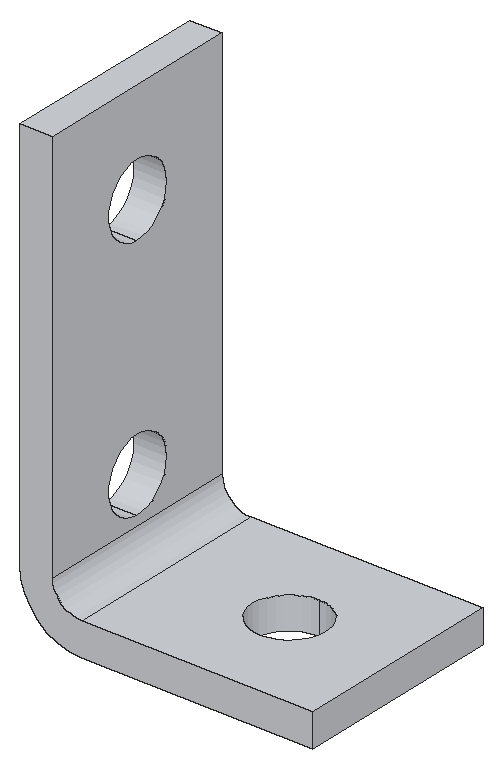
Revit family "Fitting-Ninety_Degree_Angle-Unistrut-P1458", category Specialty Equipment, Revit 2012
Parameters (values of type "P1458")
  ecoScorecard_data = "http://products.ecoscorecard.com/atkore/P1458"
  ecoScorecard Product Page = "http://products.ecoscorecard.com/atkore/P1458?action=html"
  Weight Per Piece = 0.58 lbf
  Unit = none
  Unistrut Part Number = "P1458"  # constant formula
  URL = "http://unistrut.us/index.php"
  Thickness = 1/4"  # constant formula
  Subcategory = "Nintey Degree Angle Fittings"  # constant formula
  Product Page URL = "http://unistrut.us/index.php?WP=cat_detail&S=S05&P=P1458"
  Power Strut Part Number = "PS 605"  # constant formula
  Part Type = "Fitting"  # constant formula
  Overall Width = 1 5/8"  # constant formula
  Overall Length = 3 1/2"  # constant formula
  Overall Height = 2 1/4"  # constant formula
  Model = "P1458"  # constant formula
  Material = ""
  Manufacturer Phone - Toll Free = "800-882-5543"  # constant formula
  Manufacturer Phone = "708-339-1610"  # constant formula
  Manufacturer Fax = "708-339-7814"  # constant formula
  Manufacturer Email = "mailto:jshaw@atkore.com"
  Manufacturer Address = "16100 South Lathrop Avenue, Harvey, IL 60426"  # constant formula
  Manufacturer = "Unistrut by Atkore International"  # constant formula
  Load Capacity Note = "Visit the product page for load application and capacity."  # constant formula
  Literature URL = "http://unistrut.us/index.php?WP=LItLibrary"
  Hole Radius = Hole Diameter / 2  # 9/32"
  Hole Diameter = 9/16"  # constant formula
  Cost Info = "mailto:jshaw@atkore.com"
  CAD URL = "http://unistrut.us/index.php?WP=CAD3d"
  Assembly Code = "D5020100"
  95 CSI = "16070"  # constant formula
  04 CSI = "26 05 48"  # constant formula
Reference planes (in)
  plane 1 "Center (Front/Back)": y = 0
  plane 2: z = 0
  plane 3 "Center (Left/Right)": x = 0
  plane 4: y = 0.8125
  plane 5: y = -0.8125
  plane 6: z = 0.82274
  plane 7: z = 2.71241
  plane 8: x = 0.28125
Dimensions and locks (in)
  "Overall Width": plane 5 to plane 4
  equal spacing: plane 5, plane 1 "Center (Front/Back)", plane 4
  "Overall Height": nested 1 to nested 1
  "Overall Length": nested 1 to plane 2
  aligned and locked: level to plane 2
  aligned and locked: plane 1 "Center (Front/Back)" to nested 1
Nested families (in)
  nested 1: "1458" at (-0.3063, 0, 0), type "1458"
Definition of nested family "1458"
  Parameters (values of type "1458")
    Weight Per Piece = 0.58 lbf
    Unit = none
    URL = ""
    Thickness = 1/4"  # constant formula
    Overall Width = 1 5/8"  # constant formula
    Overall Length = 3 1/2"  # constant formula
    Overall Height = 2 1/4"  # constant formula
    Manufacturer = ""
    Hole Radius = Hole Diameter / 2  # 9/32"
    Hole Diameter = 9/16"  # constant formula
    Assembly Code = ""
  Reference planes (in)
    plane 1 "Center (Front/Back)": y = 0
    plane 2: z = 0
    plane 3 "Center (Left/Right)": x = 0
    plane 4: x = -1.75
    plane 5: x = 1.75
    plane 6: y = 0.8125
    plane 7: y = -0.8125
  Forms (in)
    Extrusion 1, solid, material <- "Unit"
      sketch origin (1.41948, 0, 1.75) x (0, 0, 1) y (-1, 0, 0)
        loop
          arc (-1.278, 2.25) -> (-1.61175, 2.11175) -> (-1.75, 1.778) r 0.472
          line (-1.75, 1.778) -> (-1.75, 0) -> (-1.5, 0) -> (-1.5, 1.778)
          arc (-1.5, 1.778) -> (-1.43498, 1.93498) -> (-1.278, 2) r 0.222
          line (-1.278, 2) -> (1.75, 2) -> (1.75, 2.25) -> (-1.278, 2.25)
      from -0.8125 to 0.8125
    Extrusion 2, void
      sketch origin (1.41948, 0, 1.75) x (0, 0, 1) y (0, 1, 0)
        loop
          circle (0.96241, 0) r 0.28125
        loop
          circle (-0.92726, 0) r 0.28125
      from 1.68588 to 2.41948
    Extrusion 3, void
      sketch origin (1.41948, 0, 1.75) x (0, 1, 0) y (-1, 0, 0)
        loop
          circle (0, 0.83193) r 0.28125
      from -2.22537 to -1
  Cuts and joins
    Extrusion 2, Extrusion 3 cuts Extrusion 1
  Dimensions and locks (in)
    "Overall Length": plane 4 to plane 5
    equal spacing: plane 4, plane 3 "Center (Left/Right)", plane 5
    "Overall Width": plane 7 to plane 6
    equal spacing: plane 7, plane 1 "Center (Front/Back)", plane 6
    "Hole Radius": radius of Extrusion 2 sketch curve
    "Hole Radius": radius of Extrusion 3 sketch curve
    aligned and locked: level to plane 2
  Automatic sketch dimensions
    Extrusion 1 sketch curve to Extrusion 1 sketch curve = 0"  (x2)
    level to Extrusion 1 sketch curve = 0"
    Extrusion 1 sketch curve to Extrusion 1 sketch curve = 1/4"
    Extrusion 1 sketch curve to Extrusion 1 sketch curve = 0.222"
    Extrusion 1 sketch curve to plane 3 "Center (Left/Right)" = 0.58052"
    Extrusion 1 sketch curve to Extrusion 1 sketch curve = 3.028"
    plane 5 to Extrusion 1 sketch curve = 0.33052"
    Extrusion 2 sketch curve to plane 1 "Center (Front/Back)" = 0"  (x2)
    level to Extrusion 2 sketch curve = 0.82274"
    Extrusion 2 sketch curve to Extrusion 2 sketch curve = 1.88967"
    plane 1 "Center (Front/Back)" to Extrusion 3 sketch curve = 0"
    plane 3 "Center (Left/Right)" to Extrusion 3 sketch curve = 0.58755"
    radius of Extrusion 2 sketch curve = 9/32"
